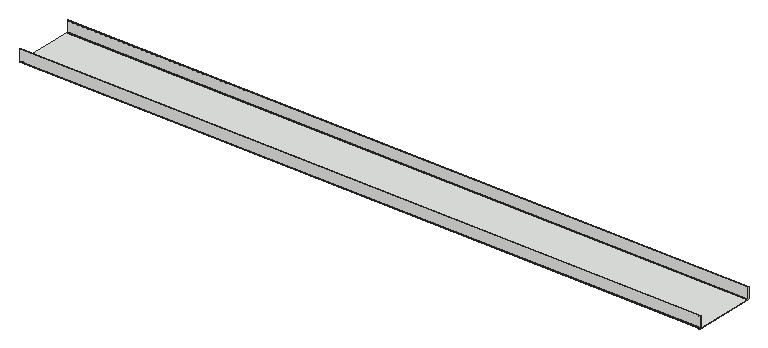
Revit family "profiles PR625 2015", category Generic Models, Revit 2015
Parameters (values of type "ISOLAMIN PR625 flashing")
  Profile Length [instance] = 1180 mm
Reference planes
  plane 1 "Center (Front/Back)": y = 0
  plane 2: z = 0
  plane 3 "Center (Left/Right)": x = 0
  plane 4: x = 1180
Forms (mm)
  Extrusion 1, solid, material "ISOLAMIN Surface Material"
    sketch origin (0, 30.282, -31.628) x (0, 1, 0) y (0, 0, 1)
      loop
        arc (-31.446, 32.96) -> (-31.593, 32.607) -> (-31.946, 32.46) r 0.5
        line (-31.946, 32.46) -> (-131.946, 32.46)
        arc (-131.946, 32.46) -> (-132.3, 32.607) -> (-132.446, 32.96) r 0.5
        line (-132.446, 32.96) -> (-132.446, 51.46) -> (-133.446, 51.46) -> (-133.446, 32.46)
        arc (-133.446, 32.46) -> (-133.154, 31.753) -> (-132.446, 31.46) r 1
        line (-132.446, 31.46) -> (-31.446, 31.46)
        arc (-31.446, 31.46) -> (-30.739, 31.753) -> (-30.446, 32.46) r 1
        line (-30.446, 32.46) -> (-30.446, 51.46) -> (-31.446, 51.46) -> (-31.446, 32.96)
    from 0 to 1180
Dimensions and locks
  "Profile Length": plane 3 "Center (Left/Right)" to plane 4
  level to Extrusion 1 = 0.832 mm
  aligned and locked: level to plane 2
  aligned and locked: plane 4 to Extrusion 1
Automatic sketch dimensions
  plane 1 "Center (Front/Back)" to Extrusion 1 sketch curve = 1.664 mm
  Extrusion 1 sketch curve to Extrusion 1 sketch curve = 0.5 mm  (x4)
  level to Extrusion 1 sketch curve = 1.332 mm
  Extrusion 1 sketch curve to Extrusion 1 sketch curve = 18.5 mm
  Extrusion 1 sketch curve to Extrusion 1 sketch curve = 100 mm
  Extrusion 1 sketch curve to Extrusion 1 sketch curve = 1 mm
  Extrusion 1 sketch curve to Extrusion 1 sketch curve = 0 mm  (x2)
  Extrusion 1 sketch curve to Extrusion 1 sketch curve = 19 mm
